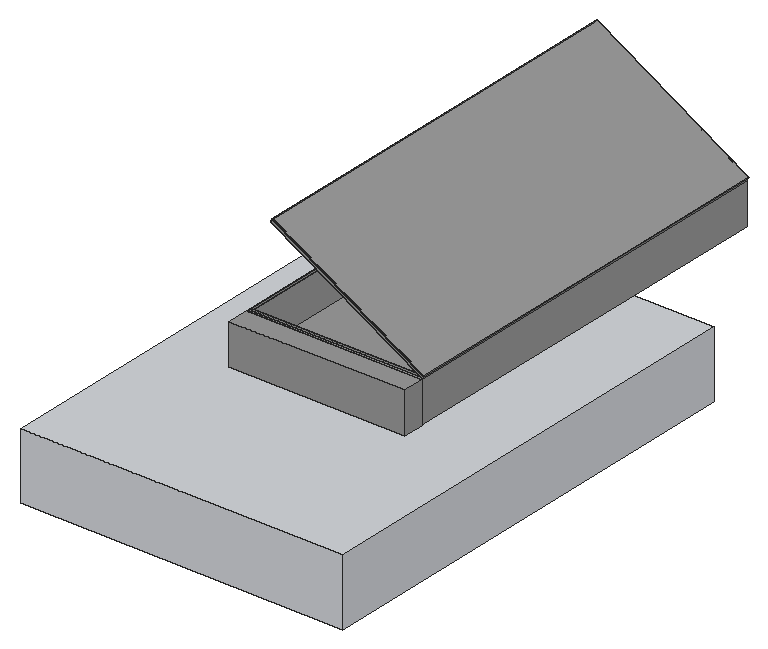
Revit family "Hager-Univers-IP44-D205-H1950-Cl.II-Encl-CH-en", category Equipement électrique, Revit 2020
Family settings
  Hôte = Face
  Configuration du panneau = Deux colonnes, circuits au sein
  Cote de connecteur circulaire = Utiliser le diamètre
  Type d'élément = Tableau de raccordement
  Couper avec des vides une fois chargée = Non
  Partagée = Non
  Point de calcul de pièce = Non
Parameters (values of type "Floor installation IP44 W800 H1950 D205  - FP23SN2")
  Width Control [instance] = if([EF000008 - Width] > Min Width, [EF000008 - Width], Min Width)  # 800 mm
  Commentaires du type = [HG000003 - Range]  # "Univers"
  Thickness Door [instance] = if([EF009171 - Material plate thickness door/cover] > 3 mm, 3 mm, [EF009171 - Material plate thickness door/cover])  # 1 mm
  Seal Frame Offset [instance] = 17 mm  # constant formula
  Plinth Visibility [instance] = [HG000027 - Plinth height] > 0 mm  # yes
  Model = ""
  Min Width [instance] = 100 mm  # constant formula
  Min Height [instance] = 100 mm  # constant formula
  Min Depth [instance] = (2 * [EF009170 - Material plate thickness cabinet]) + 1 mm  # 3 mm
  Internal Frame Depth [instance] = (Door System Depth * 0.5)  # 9 mm
  Height Control [instance] = if([EF000040 - Height] > Min Height, [EF000040 - Height], Min Height)  # 1950 mm
  HG000027 - Plinth height = 100 mm
  HG000026 - Floor standing = yes
  HG000024 - Bottom section height = 800 mm
  HG000023 - Double section enclosure = no
  HG000016 - Door 3d visibility [instance] = yes
  HG000015 - Clearance visibility [instance] = no
  HG000014 - Door on the right [instance] = yes
  HG000013 - Door on the left [instance] = not([HG000014 - Door on the right])  # no
  HG000012 - Door swing angle [instance] = 30.00°
  HG000010 - Asymmetric doors = no
  HG000009 - Double swing door = no
  HG000006 - Flush mounted = no
  HG000004 - Manufacturer reference = "FP23SN2"
  HG000003 - Range = "Univers"
  HG000002 - With door or cover = yes
  Frame Offset Bottom [instance] = 10 mm  # constant formula
  Frame Offset [instance] = 15 mm  # constant formula
  EF015940 - Cover with overpressure release = no
  EF011959 - Degree of protection (NEMA) = ""
  EF009554 - Number of openings for flange plates = 6
  EF009212 - Cover model = "EV000116 - Closed"
  EF009171 - Material plate thickness door/cover = 1 mm
  EF009170 - Material plate thickness cabinet = 1 mm
  Fabricant = "Hager"  # constant formula
  EF008873 - Nominal current (In) = 400 A
  EF007800 - Suitable for lightning protection = no
  EF006306 - With lock = no
  EF006244 - Transparent cover/door = no
  EF005474 - Degree of protection (IP) = "EV006418 - IP44"
  EF004464 - Type of door = "EV002646 - Single"
  EF004427 - Number of modules = 432
  EF004293 - Impact strength = "EV006815 - IK09"
  EF003532 - Suitable for outdoor use = no
  EF002950 - Width in number of modular spacings = 36
  EF001613 - Circuit integrity = "EV000494 - None"
  EF001596 - Material housing = "EV000179 - Steel"
  EF001131 - Internal depth = 143 mm
  EF001088 - Extension possible = yes
  EF000437 - Number of conduit inlets = 6
  EF000339 - Type of cover = "EV001012 - Cover"
  EF000266 - Number of rows = 12
  EF000218 - Built-in depth = 0 mm
  EF000118 - With mounting plate = no
  EF000116 - RAL-number = "9010"
  EF000049 - Depth = 205 mm
  EF000040 - Height = 1950 mm
  EF000008 - Width = 800 mm
  EF000007 - Colour = "EV000202 - White"
  EF000003 - Mounting method = "EV012274 - Floor installation"
  Door System Leaf Tolerance [instance] = 1.5 mm  # constant formula
  Door System Depth [instance] = 18 mm  # constant formula
  Door Height [instance] = Height Control - [HG000027 - Plinth height]  # 1850 mm
  Depth Control [instance] = if([EF000049 - Depth] > Min Depth, [EF000049 - Depth], Min Depth)  # 205 mm
  Default Elevation = 0 mm
  Connector Offset [instance] = Height Control / 2  # 975 mm
  Bottom Top Plate Trim [instance] = 1.5 mm  # constant formula
  Plinth height Ctrl [instance] = if([HG000027 - Plinth height] > 0 mm, [HG000027 - Plinth height], 12 mm)  # 100 mm
Types (5, lengths in mm): name | Width Control | HG000010 - Asymmetric doors | HG000009 - Double swing door | HG000004 - Manufacturer reference | EF009554 - Number of openings for flange plates | EF008873 - Nominal current (In) | EF004464 - Type of door | EF004427 - Number of modules | EF002950 - Width in number of modular spacings | EF000437 - Number of conduit inlets | EF000008 - Width
  Floor installation IP44 W1050 H1950 D205  - FP24SN2 | 1050 | no | yes | "FP24SN2" | 8 | 400 A | "EV003602 - Double" | 576 | 48 | 8 | 1050
  Floor installation IP44 W1300 H1950 D205  - FP25SN2 | 1300 | yes | yes | "FP25SN2" | 10 | 400 A | "EV003602 - Double" | 720 | 60 | 10 | 1300
  Floor installation IP44 W300 H1950 D205  - FP21SN2 | 300 | no | no | "FP21SN2" | 2 | 250 A | "EV002646 - Single" | 144 | 12 | 2 | 300
  Floor installation IP44 W550 H1950 D205  - FP22SN2 | 550 | no | no | "FP22SN2" | 4 | 400 A | "EV002646 - Single" | 288 | 24 | 4 | 550
  Floor installation IP44 W800 H1950 D205  - FP23SN2 | 800 | no | no | "FP23SN2" | 6 | 400 A | "EV002646 - Single" | 432 | 36 | 6 | 800
Reference planes
  plane 1 "Center (Front/Back)": y = 0
  plane 2: z = 0
  plane 3 "Center (Left/Right)": x = 0
  plane 4: z = 205
  plane 5: y = 101
  plane 6: y = 1025
  plane 7: y = 100
  plane 8: y = 1950
  plane 9: z = 0
  plane 10: x = -385
  plane 11: x = 385
  plane 12: x = 384
  plane 13: x = -384
  plane 14: y = 1949
  plane 15: x = -383
  plane 16: x = -400
  plane 17: x = 383
  plane 18: x = 400
  plane 19: x = 399
  plane 20: x = -399
  plane 21: y = 111
  plane 22: y = 1950
  plane 23: y = 1934
  plane 24: z = 187
  plane 25: z = 1
  plane 26: z = 186
  plane 27: z = 204
Forms (mm)
  Extrusion 1, solid
    sketch origin (0, 0, 0) x (1, 0, 0) y (0, 1, 0)
      loop
        line (-702.964, 1305) -> (-702.964, -811.445) -> (766.763, -811.445) -> (766.763, 1305) -> (-702.964, 1305)
    from 0 to -304.8
  Extrusion 2, solid, material "Hager_Steel_RAL7035_Light_Grey", visible <- "Plinth Visibility", detail levels medium+fine
    sketch origin (0, 0, 0) x (1, 0, 0) y (0, 1, 0)
      loop
        line (-400, 0) -> (400, 0) -> (400, 100) -> (-400, 100) -> (-400, 0)
    from 0 to 187
  Extrusion 3, solid, material "Hager_Steel_RAL7035_Light_Grey", detail levels medium+fine
    sketch origin (0, 0, 0) x (1, 0, 0) y (0, 1, 0)
      loop
        line (-400, 100) -> (400, 100) -> (400, 1950) -> (-400, 1950) -> (-400, 100)
    from 0 to 187
  Extrusion 4, void
    sketch origin (0, 0, 0) x (1, 0, 0) y (0, 1, 0)
      loop
        line (-399, 101) -> (399, 101) -> (399, 1949) -> (-399, 1949) -> (-399, 101)
    from 1 to 186
  Extrusion 5, void
    sketch origin (-381.607, -4572, 187) x (0, -1, 0) y (-1, 0, 0)
      loop
        line (-4683, 2.393) -> (-6506, 2.393) -> (-6506, -765.607) -> (-4683, -765.607) -> (-4683, 2.393)
    from 0 to 1 <- "EF009170 - Material plate thickness cabinet"
  Extrusion 6, solid, material "Hager_Steel_RAL7035_Light_Grey", detail levels fine
    sketch origin (0, 0, 187) x (1, 0, 0) y (0, 1, 0)
      loop
        line (-384, 1934) -> (-384, 111) -> (384, 111) -> (384, 1934) -> (-384, 1934)
      loop
        line (-385, 110) -> (385, 110) -> (385, 1935) -> (-385, 1935) -> (-385, 110)
    from 0 to 9 <- "Internal Frame Depth"
  Extrusion 7, solid, material "Hager_Steel_RAL7035_Light_Grey", detail levels coarse
    sketch origin (0, 0, 0) x (1, 0, 0) y (0, 1, 0)
      loop
        line (-400, 0) -> (400, 0) -> (400, 1950) -> (-400, 1950) -> (-400, 0)
    from 0 to 205
  Sweep 8, void
    path in 3D
      loop
        line (-400, 100, 0) -> (400, 100, 0) -> (400, 100, 187) -> (-400, 100, 187) -> (-400, 100, 0)
    profile origin (-400, 100, 93.5) x (-1, 0, 0) y (0, -1, 0)
      loop
        line (0, 0) -> (0, 1.5) -> (-1.5, 1.5)
        arc (-1.5, 1.5) -> (-1.061, 0.439) -> (0, 0) r 1.5
Cuts and joins
  Extrusion 4, Extrusion 5 cuts Extrusion 3
  Sweep 8 cuts Extrusion 2
Lines and regions (mm)
  Masking region 1
    outline origin (0, 0, 0) x (1, 0, 0) y (0, 0, 1)
      loop
        line (-400, 205) -> (-400, 0) -> (400, 0) -> (400, 205) -> (-400, 205)
  Masking region 2, detail levels medium+fine
    outline origin (0, 140, 0) x (0, 1, 0) y (0, 0, 1)
      loop
        line (-40, 0) -> (1810, 0) -> (1810, 187) -> (-40, 187) -> (-40, 0)
  Masking region 3, not visible, detail levels medium+fine
    outline origin (0, 297.922, 0) x (0, 1, 0) y (0, 0, 1)
      loop
        line (738.578, 0) -> (778.578, 0) -> (778.578, 194)
        arc (778.578, 194) -> (775.649, 201.071) -> (768.578, 204) r 10
        line (768.578, 204) -> (738.578, 204) -> (738.578, 0)
  Masking region 4, detail levels coarse
    outline origin (0, 0, 180) x (0, 1, 0) y (0, 0, 1)
      loop
        line (0, -180) -> (1950, -180) -> (1950, 25) -> (0, 25) -> (0, -180)
  Masking region 5, visible <- "Plinth Visibility", detail levels medium+fine
    outline origin (0, 52.24, 12.345) x (0, 0, -1) y (0, 1, 0)
      loop
        line (10.845, 47.76) -> (-173.155, 47.76)
        arc (-173.155, 47.76) -> (-173.594, 46.699) -> (-174.655, 46.26) r 1.5
        line (-174.655, 46.26) -> (-174.655, -52.24) -> (12.345, -52.24) -> (12.345, 46.26)
        arc (12.345, 46.26) -> (11.285, 46.699) -> (10.845, 47.76) r 1.5
  Masking region 6, detail levels medium+fine
    outline origin (-381.607, -4572, 187) x (-1, 0, 0) y (0, -1, 0)
      loop
        line (18.393, -6522) -> (18.393, -4672) -> (-781.607, -4672) -> (-781.607, -6522) -> (18.393, -6522)
  Masking region 7, visible <- "Plinth Visibility", detail levels medium+fine
    outline origin (-381.607, -4727, 187) x (-1, 0, 0) y (0, -1, 0)
      loop
        arc (16.893, -4827) -> (17.332, -4825.939) -> (18.393, -4825.5) r 1.5
        line (18.393, -4825.5) -> (18.393, -4727) -> (-781.607, -4727) -> (-781.607, -4825.5)
        arc (-781.607, -4825.5) -> (-780.546, -4825.939) -> (-780.107, -4827) r 1.5
        line (-780.107, -4827) -> (16.893, -4827)
  Masking region 8, detail levels coarse
    outline origin (-442.548, -4669.526, 187) x (-1, 0, 0) y (0, -1, 0)
      loop
        line (-42.548, -6619.526) -> (-42.548, -4669.526) -> (-842.548, -4669.526) -> (-842.548, -6619.526) -> (-42.548, -6619.526)
  sketch lines
    curve 1: line (-400, 100, 187) -> (-400, 100, 0)
    curve 2: line (400, 100, 187) -> (-400, 100, 187)
    curve 3: line (400, 100, 187) -> (400, 100, 0)
    curve 4: line (-400, 100, 0) -> (400, 100, 0)
Dimensions and locks
  "Depth Control": plane 4 to Extrusion 1
  "HG000027 - Plinth height": plane 1 "Center (Front/Back)" to plane 7
  "EF009170 - Material plate thickness cabinet": plane 5 to plane 7
  locked: connector elem to plane 3 "Center (Left/Right)"
  equal spacing: plane 8, plane 6, plane 7
  locked: connector elem to plane 6
  "EF009170 - Material plate thickness cabinet": plane 8 to plane 14
  "EF009170 - Material plate thickness cabinet": plane 10 to plane 13
  "EF009170 - Material plate thickness cabinet": plane 12 to plane 11
  "Frame Offset": plane 20 to plane 13
  "Frame Offset": plane 12 to plane 19
  "EF009170 - Material plate thickness cabinet": plane 16 to plane 20
  "EF009170 - Material plate thickness cabinet": plane 19 to plane 18
  "Seal Frame Offset": plane 16 to plane 15
  "Seal Frame Offset": plane 17 to plane 18
  "Frame Offset Bottom": plane 21 to plane 5
  "Frame Offset": plane 14 to plane 23
  equal spacing: plane 16, plane 3 "Center (Left/Right)", plane 18
  "Width Control": plane 16 to plane 18
  "EF009170 - Material plate thickness cabinet": plane 4 to plane 27
  "EF009170 - Material plate thickness cabinet": plane 24 to plane 26
  "EF009170 - Material plate thickness cabinet": plane 25 to level
  "Door System Depth": plane 4 to plane 24
  "Height Control": plane 1 "Center (Front/Back)" to Extrusion 7 sketch curve
  "Height Control": Masking region 4 sketch curve to plane 1 "Center (Front/Back)"
  "Height Control": plane 1 "Center (Front/Back)" to plane 22
  "Bottom Top Plate Trim": profile plane to Sweep 8 sketch curve
  "Bottom Top Plate Trim": Sweep 8 sketch curve to profile plane
  "Plinth height Ctrl": plane 1 "Center (Front/Back)" to Extrusion 2 sketch curve
  "Plinth height Ctrl": Masking region 5 sketch curve to plane 1 "Center (Front/Back)"
  "Plinth height Ctrl": plane 1 "Center (Front/Back)" to Masking region 7 sketch curve
  "Thickness Door": Extrusion 6 sketch curve to Extrusion 6 sketch curve  (x3)
  "Thickness Door": cut or joined group of Extrusion 3, Extrusion 4, Extrusion 5 to Extrusion 6 sketch curve
  radius of Masking region 3 sketch curve = 10 mm
  "Bottom Top Plate Trim": radius of Masking region 5 sketch curve  (x2)
  "Bottom Top Plate Trim": radius of Sweep 8 sketch curve
  "Bottom Top Plate Trim": radius of Masking region 7 sketch curve  (x2)
  aligned and locked: plane 2 to Extrusion 1
  aligned and locked: level to Extrusion 1
  aligned and locked: level to Masking region 1 sketch curve
  aligned and locked: Masking region 1 sketch curve to plane 18
  aligned and locked: Masking region 1 sketch curve to plane 16
  aligned and locked: plane 7 to Masking region 2 sketch curve
  aligned and locked: level to Masking region 3 sketch curve
  aligned and locked: Masking region 3 sketch curve to plane 27
  aligned and locked: level to Masking region 2 sketch curve
  aligned and locked: plane 1 "Center (Front/Back)" to Extrusion 2 sketch curve
  aligned and locked: Extrusion 3 sketch curve to plane 7
  aligned and locked: plane 16 to Extrusion 3 sketch curve
  aligned and locked: plane 18 to Extrusion 3 sketch curve
  aligned and locked: plane 20 to Extrusion 4 sketch curve
  aligned and locked: plane 19 to Extrusion 4 sketch curve
  aligned and locked: Extrusion 4 sketch curve to plane 5
  aligned and locked: Extrusion 4 to plane 25
  aligned and locked: plane 26 to Extrusion 4
  aligned and locked: plane 24 to Extrusion 3
  aligned and locked: Extrusion 5 sketch curve to plane 21
  aligned and locked: Extrusion 5 sketch curve to plane 13
  aligned and locked: Extrusion 5 sketch curve to plane 12
  aligned and locked: plane 18 to Extrusion 7 sketch curve
  aligned and locked: plane 1 "Center (Front/Back)" to Extrusion 7 sketch curve
  aligned and locked: plane 16 to Extrusion 7 sketch curve
  aligned and locked: plane 4 to Extrusion 7
  aligned and locked: Extrusion 7 to level
  aligned and locked: level to Masking region 4 sketch curve
  aligned and locked: Masking region 4 sketch curve to plane 1 "Center (Front/Back)"
  aligned and locked: Masking region 4 sketch curve to plane 4
  aligned and locked: nested 1 to level
  aligned and locked: nested 1 to plane 16
  aligned and locked: plane 8 to Extrusion 3 sketch curve
  aligned and locked: plane 23 to Extrusion 5 sketch curve
  aligned and locked: plane 14 to Extrusion 4 sketch curve
  aligned and locked: Masking region 2 sketch curve to plane 8
  aligned and locked: level to Masking region 5 sketch curve
  aligned and locked: plane 16 to Extrusion 2 sketch curve
  aligned and locked: plane 18 to Extrusion 2 sketch curve
  aligned and locked: Masking region 5 sketch curve to plane 24
  aligned and locked: Masking region 2 sketch curve to plane 24
  aligned and locked: plane 24 to Extrusion 2
  aligned and locked: profile plane to Sweep 8 sketch curve  (x2)
  aligned and locked: Masking region 6 sketch curve to plane 18
  aligned and locked: Masking region 6 sketch curve to plane 22
  aligned and locked: Masking region 6 sketch curve to plane 16
  aligned and locked: plane 8 to plane 22
  aligned and locked: Masking region 6 sketch curve to plane 7
  aligned and locked: Masking region 7 sketch curve to plane 16
  aligned and locked: Masking region 7 sketch curve to plane 1 "Center (Front/Back)"
  aligned and locked: Masking region 7 sketch curve to plane 18
  aligned and locked: Masking region 8 sketch curve to plane 1 "Center (Front/Back)"
  aligned and locked: Masking region 8 sketch curve to plane 18
  aligned and locked: Masking region 8 sketch curve to plane 22
  aligned and locked: Masking region 8 sketch curve to plane 16
  aligned and locked: nested 2 to plane 7
  aligned and locked: plane 3 "Center (Left/Right)" to nested 2
  aligned and locked: nested 2 to plane 24
  aligned and locked: Extrusion 6 sketch curve to cut or joined group of Extrusion 3, Extrusion 4, Extrusion 5  (x4)
Automatic sketch dimensions
  Extrusion 1 sketch curve to Extrusion 1 sketch curve = 1469.727 mm
  Extrusion 1 sketch curve to Extrusion 1 sketch curve = 2116.445 mm
  Masking region 1 sketch curve to plane 4 = 0 mm
  plane 6 to Masking region 3 sketch curve = 11.5 mm
  Masking region 3 sketch curve to Masking region 3 sketch curve = 30 mm
  Masking region 5 sketch curve to plane 1 "Center (Front/Back)" = 0 mm
Nested families
  nested 1: "Hager_Enclosure_Symbol" at (-400, 0, 0) x (1, 0, 0) z (0, -1, 0), Height <- "Depth Control", Width <- "Width Control", type "Hager_Enclosure_Symbol"
    with Width_Ctrl 800 mm, Width 800 mm, Height_Ctrl 205 mm, Height 205 mm, A_Width_Int 13.453 mm, A_Width 161.438 mm, A_Height_Ctrl 179.375 mm, A_Height 179.375 mm
  nested 2: "EC000058_Univers_Door" at (0, 100, 187) x (1, 0, 0) z (0, 1, 0), Leaf_Tolerance <- "Door System Leaf Tolerance", Angle <- "HG000012 - Door swing angle", Door_Depth <- "Door System Depth", Door_Left <- "HG000013 - Door on the left", Transparent <- "EF006244 - Transparent cover/door", Assymetrical <- "HG000010 - Asymmetric doors", Width <- "Width Control", Clearance <- "HG000015 - Clearance visibility", Double <- "HG000009 - Double swing door", 3d_Door <- "HG000016 - Door 3d visibility", Lock_Visibility <- "EF006306 - With lock", Width_Ctrl <- "Width Control", Door_Right <- "HG000014 - Door on the right", Door <- "HG000002 - With door or cover", Height <- "Door Height", Thickness <- "Thickness Door", type "EC000058_Univers_Door", detail levels medium+fine
    with min_wh 3 mm, Width_Ctrl 800 mm, Width 800 mm, Transparent no, Thickness 1 mm, Seal_Material Hager_Rubber, Lock_Visibility no, Lock_Material Hager_Plastic_RAL9005_Jet_Black, Leaf_Width 800 mm, Leaf_Tolerance_External_Sides 0 mm, Leaf_Tolerance 1.5 mm, Leaf_Offset 0 mm, Leaf_Height 1847 mm, Leaf_2_Width 800 mm, Leaf_2_Offset 400 mm, Leaf_1_Width 800 mm, Leaf_1_Offset 400 mm, Height_Ctrl 1850 mm, Height 1850 mm, Glass_Material Hager_Glass, Double_Clearance_Ctrl no, Double no, Door_Right_Ctrl yes, Door_Right yes, Door_Material Hager_Steel_RAL7035_Light_Grey, Door_Left_Ctrl no, Door_Left no, Door_Depth 18 mm, Door yes, Clearance_Material Hager_Clearance, Clearance_Depth 800 mm, Clearance_Ctrl no, Clearance no, Assymetrical no, Angle 30.00°, 3d_Door yes
Connectors
  electrical at (0, 1025, 0)
    settings: on plane 9, index 1, voltage 0 V, apparent load 0 VA, apparent load phase1 0 VA, apparent load phase2 0 VA, apparent load phase3 0 VA, power factor 1, load classification "Other", number of poles 1, system type 30, power factor state 1, is connector primary yes, connector utility no, sub classification motor no, connector description ""
Definition of nested family "EC000058_Univers_Door"
  Parameters (values of type "EC000058_Univers_Door")
    min_wh [instance] = (2 * Thickness) + 1 mm  # 11 mm
    Width_Ctrl [instance] = 400 mm
    Width [instance] = 500 mm
    Transparent [instance] = yes
    Thickness [instance] = 5 mm
    Seal_Material [instance] = none
    Lock_Visibility [instance] = yes
    Lock_Material [instance] = none
    Leaf_Width [instance] = if((Width_Ctrl - 2 * Leaf_Tolerance_External_Sides) > 0 mm, (Width_Ctrl - 2 * Leaf_Tolerance_External_Sides), min_wh)  # 400 mm
    Leaf_Tolerance_External_Sides [instance] = 0 mm  # constant formula
    Leaf_Tolerance [instance] = 1.5 mm
    Leaf_Offset [instance] = 0 mm  # constant formula
    Leaf_Height [instance] = if((Height_Ctrl - 2 * Leaf_Tolerance) > 0 mm, (Height_Ctrl - 2 * Leaf_Tolerance), min_wh)  # 497 mm
    Leaf_2_Width [instance] = if(and(and(Double, Assymetrical), Door_Left), (Leaf_Width / 3) - (Leaf_Tolerance / 2), if(and(and(Double, Assymetrical), Door_Right), (Leaf_Width / 3) * 2 - (Leaf_Tolerance / 2), if(and(Double, not(Assymetrical)), (Leaf_Width / 2) - Leaf_Tolerance, Leaf_Width)))  # 400 mm
    Leaf_2_Offset [instance] = if(and(Double, Assymetrical), Leaf_2_Width / 2, if(and(Double, not(Assymetrical)), Leaf_Width / 4, Leaf_Width / 2))  # 200 mm
    Leaf_1_Width [instance] = if(and(and(Double, Assymetrical), Door_Right), (Leaf_Width / 3) - (Leaf_Tolerance / 2), if(and(and(Double, Assymetrical), Door_Left), (Width / 3) * 2 - (Leaf_Tolerance / 2), if(and(Double, not(Assymetrical)), (Leaf_Width / 2) - Leaf_Tolerance, Leaf_Width)))  # 400 mm
    Leaf_1_Offset [instance] = if(and(Double, Assymetrical), Leaf_1_Width / 2, if(and(Double, not(Assymetrical)), Leaf_Width / 4, Leaf_Width / 2))  # 200 mm
    Height_Ctrl [instance] = if(Height > min_wh, Height, min_wh)  # 500 mm
    Height [instance] = 500 mm
    Glass_Material [instance] = none
    Double_Clearance_Ctrl [instance] = and(Double, Clearance)  # no
    Double [instance] = no
    Door_Right_Ctrl [instance] = and(or(Door_Right, Double), Door)  # yes
    Door_Right [instance] = yes
    Door_Material [instance] = none
    Door_Left_Ctrl [instance] = and(or(Door_Left, Double), Door)  # no
    Door_Left [instance] = no
    Door_Depth [instance] = 30 mm
    Door [instance] = yes
    Default Elevation = 1219.2 mm
    Clearance_Material [instance] = none
    Clearance_Depth [instance] = if(Leaf_1_Width > Leaf_2_Width, Leaf_1_Width, Leaf_2_Width)  # 400 mm
    Clearance_Ctrl [instance] = and(not(Double), Clearance)  # yes
    Clearance [instance] = yes
    Assymetrical [instance] = yes
    Angle [instance] = 30.00°
    3d_Door [instance] = yes
  Reference planes
    plane 1 "Center (Front/Back)": y = 0
    plane 2 "Bottom": z = 0
    plane 3 "Center (Left/Right)": x = 0
    plane 4: z = 500
    plane 5: x = -200
    plane 6: x = 200
    plane 7: z = 500
    plane 8: x = -200
    plane 9: z = 0
    plane 10: x = 200
    plane 11: y = 0
    plane 12: z = 1.5
    plane 13: x = -600
    plane 14: y = -400
    plane 15: x = 600
    plane 16: x = 0
    plane 17: x = 0
    plane 18: x = -200
    plane 19: x = 200
    plane 20: z = 498.5
  Forms (mm)
    Extrusion 1, solid, material <- "Clearance_Material", visible <- "Double_Clearance_Ctrl"
      sketch origin (1200, 0, 0) x (1, 0, 0) y (0, 0, -1)
        loop
          line (-1800, -498.5) -> (-600, -498.5) -> (-600, 0) -> (-1800, 0) -> (-1800, -498.5)
      from 0 to -400
  Dimensions and locks
    equal spacing: plane 5, plane 3 "Center (Left/Right)", plane 6
    "Width_Ctrl": plane 5 to plane 6
    "Leaf_Offset": plane 5 to plane 8
    "Leaf_Offset": plane 6 to plane 10
    "Leaf_Offset": plane 9 to level
    "Leaf_Offset": plane 4 to plane 7
    "Height_Ctrl": plane 4 to level
    "Leaf_Tolerance": plane 12 to plane 9
    locked: plane 11 to plane 1 "Center (Front/Back)"
    "Leaf_1_Offset": plane 18 to plane 16
    "Leaf_2_Offset": plane 17 to plane 19
    "Leaf_1_Width": plane 13 to plane 8
    "Leaf_2_Width": plane 10 to plane 15
    "Clearance_Depth": plane 14 to plane 1 "Center (Front/Back)"
    "Leaf_Tolerance_External_Sides": plane 8 to plane 18
    "Leaf_Tolerance_External_Sides": plane 19 to plane 10
    "Leaf_Tolerance": plane 7 to plane 20
    aligned and locked: level to plane 2 "Bottom"
    aligned and locked: nested 1 to plane 16
    aligned and locked: nested 2 to plane 17
    aligned and locked: Extrusion 1 to plane 13
    aligned and locked: plane 15 to Extrusion 1
    aligned and locked: Extrusion 1 to plane 14
    aligned and locked: plane 12 to nested 1
    aligned and locked: nested 2 to plane 12
    aligned and locked: Extrusion 1 to plane 11
    aligned and locked: plane 20 to Extrusion 1
    aligned and locked: nested 2 to plane 11
    aligned and locked: nested 1 to plane 11
  Automatic sketch dimensions
    Extrusion 1 sketch curve to level = 0 mm
    plane 5 to Extrusion 1 sketch curve = 400 mm
    plane 6 to Extrusion 1 sketch curve = 400 mm
    Extrusion 1 sketch curve to plane 4 = 1.5 mm
  Nested families
    nested 1: "EC000058_Univers_Door_Leaf" at (0, 0, 1.5), Width <- "Leaf_1_Width", visible <- "Door_Left_Ctrl", Leaf_Height <- "Leaf_Height", Angle <- "Angle", 3d_Door <- "3d_Door", Transparent <- "Transparent", Clearance Material <- "Clearance_Material", Clearance <- "Clearance_Ctrl", Door_Material <- "Door_Material", Glass_Material <- "Glass_Material", Door_Depth <- "Door_Depth", Lock_Material <- "Lock_Material", Seal_Material <- "Seal_Material", Lock_Visibility <- "Lock_Visibility", Thickness <- "Thickness", type "EC000058_Univers_Door_Leaf"
      with Width 400 mm, Transparent_Glass_Offset 30 mm, Transparent_Ctrl yes, Transparent yes, Thickness 5 mm, Standard no, Seal_Material none, Seal_D2 8 mm, Seal_D1 1 mm, Offset_Internal_Frame 10 mm, Lock_Width 20 mm, Lock_Visibility_3d yes, Lock_Visibility yes, Lock_Thickness_3 3 mm, Lock_Thickness_2 1 mm, Lock_Thickness_1 3 mm, Lock_Radius_Offset_2 16 mm, Lock_Radius_Offset_1 15 mm, Lock_Radius_2 5 mm, Lock_Radius 6 mm, Lock_Offset 5 mm, Lock_Material none, Lock_Height 80 mm, Lock_Cover_Top_Offset_2d 17 mm, Lock_Cover_Height -65 mm, Leaf_Height 497 mm, Internal_Seal_Thickness 8 mm, Internal_Seal_Depth_2 4.5 mm, Internal_Frame_Depth 25 mm, Glass_Thickness -1 mm, Glass_Offset -2 mm, Glass_Material none, Door_Material none, Door_Depth 30 mm, Clearance Material none, Clearance yes, Angle_Ctrl 30.00°, Angle 30.00°, 3d_Door yes
    nested 2: "EC000058_Univers_Door_Leaf" at (0, 0, 1.5) x (-1, 0, 0) z (0, 0, 1), Width <- "Leaf_2_Width", visible <- "Door_Right_Ctrl", Leaf_Height <- "Leaf_Height", Angle <- "Angle", 3d_Door <- "3d_Door", Transparent <- "Transparent", Clearance Material <- "Clearance_Material", Clearance <- "Clearance_Ctrl", Door_Material <- "Door_Material", Glass_Material <- "Glass_Material", Door_Depth <- "Door_Depth", Lock_Material <- "Lock_Material", Seal_Material <- "Seal_Material", Lock_Visibility <- "Lock_Visibility", Thickness <- "Thickness", type "EC000058_Univers_Door_Leaf"
      with Width 400 mm, Transparent_Glass_Offset 30 mm, Transparent_Ctrl yes, Transparent yes, Thickness 5 mm, Standard no, Seal_Material none, Seal_D2 8 mm, Seal_D1 1 mm, Offset_Internal_Frame 10 mm, Lock_Width 20 mm, Lock_Visibility_3d yes, Lock_Visibility yes, Lock_Thickness_3 3 mm, Lock_Thickness_2 1 mm, Lock_Thickness_1 3 mm, Lock_Radius_Offset_2 16 mm, Lock_Radius_Offset_1 15 mm, Lock_Radius_2 5 mm, Lock_Radius 6 mm, Lock_Offset 5 mm, Lock_Material none, Lock_Height 80 mm, Lock_Cover_Top_Offset_2d 17 mm, Lock_Cover_Height -65 mm, Leaf_Height 497 mm, Internal_Seal_Thickness 8 mm, Internal_Seal_Depth_2 4.5 mm, Internal_Frame_Depth 25 mm, Glass_Thickness -1 mm, Glass_Offset -2 mm, Glass_Material none, Door_Material none, Door_Depth 30 mm, Clearance Material none, Clearance yes, Angle_Ctrl 30.00°, Angle 30.00°, 3d_Door yes
  Definition of nested family "EC000058_Univers_Door_Leaf"
    Parameters (values of type "EC000058_Univers_Door_Leaf")
      Width [instance] = 2000 mm
      Transparent_Glass_Offset [instance] = 30 mm
      Transparent_Ctrl [instance] = and(Transparent, [3d_Door])  # yes
      Transparent [instance] = yes
      Thickness [instance] = 5 mm
      Standard [instance] = and(not(Transparent), [3d_Door])  # no
      Seal_Material [instance] = none
      Seal_D2 [instance] = 8 mm  # constant formula
      Seal_D1 [instance] = 1 mm  # constant formula
      Offset_Internal_Frame [instance] = 10 mm  # constant formula
      Lock_Width [instance] = 20 mm  # constant formula
      Lock_Visibility_3d [instance] = and(Lock_Visibility, [3d_Door])  # yes
      Lock_Visibility [instance] = yes
      Lock_Thickness_3 [instance] = 3 mm  # constant formula
      Lock_Thickness_2 [instance] = 1 mm  # constant formula
      Lock_Thickness_1 [instance] = 3 mm  # constant formula
      Lock_Radius_Offset_2 [instance] = Lock_Radius_Offset_1 + 1 mm  # 16 mm
      Lock_Radius_Offset_1 [instance] = 15 mm  # constant formula
      Lock_Radius_2 [instance] = Lock_Radius - 1 mm  # 5 mm
      Lock_Radius [instance] = 6 mm  # constant formula
      Lock_Offset [instance] = 5 mm  # constant formula
      Lock_Material [instance] = none
      Lock_Height [instance] = 80 mm  # constant formula
      Lock_Cover_Top_Offset_2d [instance] = Lock_Radius_Offset_2 + 1 mm  # 17 mm
      Lock_Cover_Height [instance] = -(Lock_Height - Lock_Radius_Offset_1)  # -65 mm
      Leaf_Height [instance] = 2720.336 mm
      Internal_Seal_Thickness [instance] = 8 mm  # constant formula
      Internal_Seal_Depth_2 [instance] = 4.5 mm  # constant formula
      Internal_Frame_Depth [instance] = if(Door_Depth - Thickness > 5 mm, Door_Depth - Thickness, 5 mm)  # 25 mm
      Glass_Thickness [instance] = if(Thickness > 15 mm, Glass_Offset + 10 mm, -1 mm)  # -1 mm
      Glass_Offset [instance] = if(Thickness > 15 mm, -(Thickness + 10 mm) / 2, -2 mm)  # -2 mm
      Glass_Material [instance] = none
      Door_Material [instance] = none
      Door_Depth [instance] = 30 mm
      Default Elevation = 0 mm
      Clearance Material [instance] = none
      Clearance [instance] = yes
      Angle_Ctrl [instance] = if(Angle > 180.00°, 180.00°, Angle)  # 90.00°
      Angle [instance] = 90.00°
      3d_Door [instance] = yes
    Reference planes
      plane 1 "Center (Front/Back)": y = 0
      plane 2: z = 0
      plane 3 "Center (Left/Right)": x = 0
      plane 4: y = 2000
      plane 5: x = -1000
      plane 6: x = 1000
      plane 7: x = -3000
      plane 8: z = 2720.336
      plane 9: z = 30
      plane 10: z = 2690.336
      plane 11: x = 970
      plane 12: x = -970
      plane 13: y = -3
      plane 14: z = 107.833
      plane 15: y = -5
      plane 16: y = -223.314
      plane 17: x = -1000
      plane 18: z = 1360.168
      plane 19: y = 30
    Forms (mm)
      Extrusion 1, solid, material <- "Clearance Material", visible <- "Clearance"
        sketch origin (0, 0, 0) x (1, 0, 0) y (0, 0, 1)
          loop
            line (-3000, 2720.336) -> (-3000, 0) -> (1000, 0) -> (1000, 2720.336) -> (-3000, 2720.336)
        from 0 to -2000
      Extrusion 2, solid, material <- "Door_Material", visible <- "Standard", detail levels medium+fine
        sketch origin (-1000, 0, 0) x (0, 1, 0) y (-1, 0, 0)
          loop
            line (0, 30) -> (0, 25) -> (2000, 25) -> (2000, 30) -> (0, 30)
        from 0 to 2720.336 <- "Leaf_Height"
      Extrusion 3, solid, material <- "Door_Material", visible <- "Transparent_Ctrl", detail levels medium+fine
        sketch origin (-1000, 0, 0) x (0, 1, 0) y (-1, 0, 0)
          loop
            line (0, 25) -> (2000, 25) -> (2000, 30) -> (0, 30) -> (0, 25)
        from 0 to 2720.336 <- "Leaf_Height"
      Extrusion 4, void
        sketch origin (-1025, 2000, 0) x (0, 1, 0) y (0, 0, -1)
          loop
            line (-30, -2690.336) -> (-30, -30) -> (-1970, -30) -> (-1970, -2690.336) -> (-30, -2690.336)
        from 0 to 5 <- "Thickness"
      Sweep 5, solid, material <- "Seal_Material", visible <- "Transparent_Ctrl", detail levels fine
        path in 3D
          loop
            line (-1025, 30, 30) -> (-1025, 30, 2690.336) -> (-1025, 1970, 2690.336) -> (-1025, 1970, 30) -> (-1025, 30, 30)
        profile origin (-1025, 1000, 30) x (1, 0, 0) y (0, 0, 1)
          loop
            line (0, 0) -> (0, -8) -> (1, -8) -> (1, 0) -> (0, 0)
      Extrusion 6, solid, material <- "Glass_Material", visible <- "Transparent_Ctrl", detail levels medium+fine
        sketch origin (-1030, 0, 0) x (0, 1, 0) y (0, 0, -1)
          loop
            line (1970, -2690.336) -> (1970, -30) -> (30, -30) -> (30, -2690.336) -> (1970, -2690.336)
        from -2 <- "Glass_Offset" to -1 <- "Glass_Thickness"
      Extrusion 7, solid, material <- "Door_Material", visible <- "3d_Door", detail levels medium+fine
        sketch origin (-1025, 2000, 0) x (0, -1, 0) y (0, 0, -1)
          loop
            line (0, -2720.336) -> (2000, -2720.336) -> (2000, 0) -> (0, 0) -> (0, -2720.336)
          loop
            line (1995, -5) -> (5, -5) -> (5, -2715.336) -> (1995, -2715.336) -> (1995, -5)
        from 0 to 25 <- "Internal_Frame_Depth"
      Sweep 8, solid, material <- "Seal_Material", visible <- "Transparent_Ctrl", detail levels fine
        path in 3D
          loop
            line (-1025, 0, 0) -> (-1025, 2000, 0) -> (-1025, 2000, 2720.336) -> (-1025, 0, 2720.336) -> (-1025, 0, 0)
        profile origin (-1025, 0, 1360.168) x (1, 0, 0) y (0, 1, 0)
          loop
            line (0, 10) -> (2.975, 10)
            arc (2.975, 10) -> (4.053, 10.447) -> (4.5, 11.525) r 1.525
            line (4.5, 11.525) -> (4.5, 16.527)
            arc (4.5, 16.527) -> (4.069, 17.569) -> (3.027, 18) r 1.473
            line (3.027, 18) -> (0, 18) -> (0, 10)
      Extrusion 9, solid, material <- "Lock_Material", visible <- "Lock_Visibility_3d", detail levels fine
        sketch origin (-1030, 0, 0) x (0, 1, 0) y (0, 0, -1)
          loop
            arc (1993.5, -1400.168) -> (1994.561, -1399.729) -> (1995, -1398.668) r 1.5
            line (1995, -1398.668) -> (1995, -1320.168) -> (1975, -1320.168) -> (1975, -1398.668)
            arc (1975, -1398.668) -> (1975.439, -1399.729) -> (1976.5, -1400.168) r 1.5
            line (1976.5, -1400.168) -> (1993.5, -1400.168)
        from 3 <- "Lock_Thickness_1" to 0
      Blend 10, solid, material <- "Lock_Material", visible <- "Lock_Visibility_3d", detail levels fine
        base sketch origin (-1033, 0, 0) x (0, 1, 0) y (0, 0, -1)
          loop
            line (1975, -1320.168) -> (1975, -1398.668)
            arc (1975, -1398.668) -> (1975.439, -1399.729) -> (1976.5, -1400.168) r 1.5
            line (1976.5, -1400.168) -> (1993.5, -1400.168)
            arc (1993.5, -1400.168) -> (1994.561, -1399.729) -> (1995, -1398.668) r 1.5
            line (1995, -1398.668) -> (1995, -1320.168) -> (1975, -1320.168)
        top sketch origin (-1033, 0, 0) x (0, 1, 0) y (0, 0, -1)
          loop
            line (1976, -1320.168) -> (1976, -1398.668)
            arc (1976, -1398.668) -> (1976.146, -1399.022) -> (1976.5, -1399.168) r 0.5
            line (1976.5, -1399.168) -> (1993.5, -1399.168)
            arc (1993.5, -1399.168) -> (1993.854, -1399.022) -> (1994, -1398.668) r 0.5
            line (1994, -1398.668) -> (1994, -1320.168) -> (1976, -1320.168)
        from 0 to 1 <- "Lock_Thickness_2"
      Blend 11, solid, material <- "Lock_Material", visible <- "Lock_Visibility_3d", detail levels fine
        base sketch origin (-1034, 0, 0) x (0, 1, 0) y (0, 0, -1)
          loop
            line (1978, -1320.168) -> (1978, -1384.168)
            arc (1978, -1384.168) -> (1985, -1391.168) -> (1992, -1384.168) r 7
            line (1992, -1384.168) -> (1992, -1320.168) -> (1978, -1320.168)
        top sketch origin (-1034, 0, 0) x (0, 1, 0) y (0, 0, -1)
          loop
            line (1991, -1320.168) -> (1979, -1320.168) -> (1979, -1383.168)
            arc (1979, -1383.168) -> (1985, -1389.168) -> (1991, -1383.168) r 6
            line (1991, -1383.168) -> (1991, -1320.168)
        from 0 to 3 <- "Lock_Thickness_3"
      Extrusion 12, solid, material <- "Lock_Material", visible <- "Lock_Visibility_3d", detail levels fine
        sketch origin (-1030, 1975, 1320.168) x (1, 0, 0) y (0, -1, 0)
          loop
            line (-7, -19) -> (-7, -1) -> (0, -1) -> (0, 0) -> (-8, 0) -> (-8, -20) -> (0, -20) -> (0, -19) -> (-7, -19)
        from 0 to -65 <- "Lock_Cover_Height"
      Extrusion 13, void
        sketch origin (-1038, 1995, 1320.168) x (-1, 0, 0) y (0, 0, -1)
          loop
            line (-5, -65) -> (0, -65) -> (-5, -60) -> (-5, -65)
        from 0 to 20 <- "Lock_Width"
      Extrusion 14, void
        sketch origin (-1038, 1975, 1320.168) x (0, -1, 0) y (0, 0, -1)
          loop
            circle (-10, -15.995) r 6
          loop
            circle (-10, -15.995) r 5
        from 0 to 2
      Extrusion 15, solid, material <- "Lock_Material", visible <- "Lock_Visibility_3d", detail levels medium
        sketch origin (-1030, 0, 0) x (0, 1, 0) y (0, 0, -1)
          loop
            arc (1993.5, -1400.168) -> (1994.561, -1399.729) -> (1995, -1398.668) r 1.5
            line (1995, -1398.668) -> (1995, -1320.168) -> (1975, -1320.168) -> (1975, -1398.668)
            arc (1975, -1398.668) -> (1975.439, -1399.729) -> (1976.5, -1400.168) r 1.5
            line (1976.5, -1400.168) -> (1993.5, -1400.168)
        from 8 to 0
    Cuts and joins
      Extrusion 4 cuts Extrusion 3
      Extrusion 13, Extrusion 14 cuts Extrusion 9
      Extrusion 14 cuts Blend 11
      Extrusion 13, Extrusion 14 cuts Extrusion 12
      joined: Extrusion 9, Blend 10, Blend 11, Extrusion 12
      Extrusion 14 cuts Extrusion 15
    Lines and regions (mm)
      Masking region 1, visible <- "Lock_Visibility", detail levels fine
        outline origin (0, 0, 0) x (0, 1, 0) y (0, 0, 1)
          loop
            line (30, 1320.168) -> (33, 1320.168) -> (33, 1400.168) -> (30, 1400.168) -> (30, 1320.168)
      Masking region 2, visible <- "Lock_Visibility", detail levels fine
        outline origin (0, 3.143, 0) x (0, 1, 0) y (0, 0, 1)
          loop
            line (29.857, 1354.168) -> (30.857, 1354.168) -> (30.857, 1366.168) -> (29.857, 1366.168) -> (29.857, 1354.168)
      Masking region 3, detail levels medium+fine
        outline origin (0, 0, 0) x (0, 1, 0) y (0, 0, 1)
          loop
            line (0, 0) -> (30, 0) -> (30, 2720.336) -> (0, 2720.336) -> (0, 0)
      Masking region 4, detail levels medium+fine
        outline origin (0, 0, 0) x (1, 0, 0) y (0, 0, 1)
          loop
            line (-1000, 2720.336) -> (-1000, 0) -> (1000, 0) -> (1000, 2720.336) -> (-1000, 2720.336)
      Masking region 5, visible <- "Lock_Visibility", detail levels fine
        outline origin (-47.116, 0, 0) x (1, 0, 0) y (0, 0, 1)
          loop
            arc (1024.616, 1399.168) -> (1023.556, 1398.729) -> (1023.116, 1397.668) r 1.5
            line (1023.116, 1397.668) -> (1023.116, 1320.168) -> (1041.116, 1320.168) -> (1041.116, 1397.668)
            arc (1041.116, 1397.668) -> (1040.677, 1398.729) -> (1039.616, 1399.168) r 1.5
            line (1039.616, 1399.168) -> (1024.616, 1399.168)
      Masking region 6, visible <- "Lock_Visibility", detail levels medium+fine
        outline origin (-25, 0, 0) x (1, 0, 0) y (0, 0, 1)
          loop
            arc (1001.5, 1400.168) -> (1000.439, 1399.729) -> (1000, 1398.668) r 1.5
            line (1000, 1398.668) -> (1000, 1320.168) -> (1020, 1320.168) -> (1020, 1398.668)
            arc (1020, 1398.668) -> (1019.561, 1399.729) -> (1018.5, 1400.168) r 1.5
            line (1018.5, 1400.168) -> (1001.5, 1400.168)
      Masking region 7, visible <- "Lock_Visibility", detail levels fine
        outline origin (-73.735, 0, 0) x (1, 0, 0) y (0, 0, 1)
          loop
            line (1051.735, 1382.168) -> (1065.735, 1382.168) -> (1065.735, 1384.168)
            arc (1065.735, 1384.168) -> (1058.735, 1391.168) -> (1051.735, 1384.168) r 7
            line (1051.735, 1384.168) -> (1051.735, 1382.168)
      Masking region 8, visible <- "Lock_Visibility", detail levels fine
        outline origin (-73.735, 0, 0) x (1, 0, 0) y (0, 0, 1)
          loop
            line (1052.735, 1382.168) -> (1064.735, 1382.168) -> (1064.735, 1383.168)
            arc (1064.735, 1383.168) -> (1058.735, 1389.168) -> (1052.735, 1383.168) r 6
            line (1052.735, 1383.168) -> (1052.735, 1382.168)
      Masking region 9, visible <- "Lock_Visibility", detail levels fine
        outline origin (-25, 0, 0) x (1, 0, 0) y (0, 0, 1)
          loop
            line (1020, 1320.168) -> (1020, 1382.168) -> (1000, 1382.168) -> (1000, 1320.168) -> (1020, 1320.168)
      Masking region 10, detail levels medium+fine
        outline origin (0, 0, 0) x (1, 0, 0) y (0, 0, 1)
          loop
            circle (985, 1335.144) r 6
      Masking region 11, detail levels fine
        outline origin (0, 0, 0) x (1, 0, 0) y (0, 0, 1)
          loop
            circle (985, 1335.144) r 5
      Masking region 12, visible <- "Lock_Visibility", detail levels fine
        outline origin (0, 12.767, 0) x (0, 1, 0) y (0, 0, 1)
          loop
            line (20.233, 1320.168) -> (21.233, 1320.168) -> (21.233, 1399.168) -> (20.233, 1400.168) -> (20.233, 1320.168)
      Masking region 13, visible <- "Lock_Visibility", detail levels fine
        outline origin (0, 13.767, -10) x (0, 1, 0) y (0, 0, 1)
          loop
            line (20.233, 1330.168) -> (23.233, 1330.168) -> (23.233, 1399.168) -> (20.233, 1402.168) -> (20.233, 1330.168)
      Masking region 14, visible <- "Lock_Visibility", detail levels fine
        outline origin (0, 12.767, -10) x (0, 1, 0) y (0, 0, 1)
          loop
            line (20.233, 1330.168) -> (25.233, 1330.168) -> (25.233, 1399.305) -> (20.233, 1394.305) -> (20.233, 1330.168)
      Masking region 15, visible <- "Lock_Visibility", detail levels medium
        outline origin (0, 0, 0) x (0, 1, 0) y (0, 0, 1)
          loop
            line (30, 1320.168) -> (38, 1320.168) -> (38, 1400.168) -> (30, 1400.168) -> (30, 1320.168)
      Masking region 16, visible <- "Lock_Visibility", detail levels fine
        outline origin (-1000, 0, 0) x (0, 1, 0) y (-1, 0, 0)
          loop
            line (1975, 30) -> (1995, 30) -> (1995, 38) -> (1975, 38) -> (1975, 30)
          loop
            line (1979, 37) -> (1976, 37) -> (1976, 34) -> (1978, 34) -> (1979, 37)
          loop
            line (1994, 37) -> (1991, 37) -> (1992, 34) -> (1994, 34) -> (1994, 37)
      Masking region 17, visible <- "Lock_Visibility", detail levels medium
        outline origin (-1000, 0, 0) x (0, 1, 0) y (-1, 0, 0)
          loop
            line (1975, 30) -> (1995, 30) -> (1995, 38) -> (1975, 38) -> (1975, 30)
      symbolic lines
        curve 1: line (1000, 0, 0) -> (-3000, 0, 0)
        curve 2: arc (1000, 0, 0) -> (-1000, 2000, 0) -> (-3000, 0, 0) r 2000
        curve 4: line (-1030, 0, 0) -> (-1030, 2000, 0)
      reference lines
        curve 3: line (-1000, 0, 0) -> (-1000, 2000, 0)
      symbolic lines, detail levels medium+fine
        curve 5: line (-1030, 2000, 0) -> (-1025, 2000, 0)
        curve 7: line (-1025, 0, 0) -> (-1030, 0, 0)
        curve 8: line (-1025, 0, 0) -> (-1000, 0, 0)
        curve 9: line (-1000, 0, 0) -> (-1000, 2000, 0)
        curve 10: line (-1000, 2000, 0) -> (-1025, 2000, 0)
      symbolic lines, detail levels fine
        curve 6: line (-1025, 2000, 0) -> (-1025, 0, 0)
      sketch lines
        curve 11: line (-1025, 0, 2720.336) -> (-1025, 0, 0)
        curve 12: line (-1025, 2000, 0) -> (-1025, 0, 0)
        curve 13: line (-1025, 2000, 2720.336) -> (-1025, 2000, 0)
        curve 14: line (-1025, 0, 2720.336) -> (-1025, 2000, 2720.336)
        curve 15: line (-1025, 1970, 30) -> (-1025, 30, 30)
        curve 16: line (-1025, 30, 30) -> (-1025, 30, 2690.336)
        curve 17: line (-1025, 1970, 2690.336) -> (-1025, 1970, 30)
        curve 18: line (-1025, 30, 2690.336) -> (-1025, 1970, 2690.336)
      symbolic lines, visible <- "Transparent", detail levels medium+fine
        curve 19: line (-970, 0, 2690.336) -> (970, 0, 2690.336)
        curve 20: line (-970, 0, 30) -> (-970, 0, 2690.336)
        curve 21: line (970, 0, 30) -> (-970, 0, 30)
        curve 22: line (970, 0, 2690.336) -> (970, 0, 30)
    Dimensions and locks
      "Width": plane 1 "Center (Front/Back)" to plane 4
      equal spacing: plane 5, plane 3 "Center (Left/Right)", plane 6
      "Width": plane 5 to plane 6
      "Width": plane 7 to plane 5
      "Leaf_Height": plane 8 to level
      "Width": curve 5 to curve 3
      "Width": curve 3 to curve 3
      plane 8 to plane 10 = 30 mm
      plane 9 to level = 30 mm
      plane 12 to plane 5 = 30 mm
      plane 6 to plane 11 = 30 mm
      Extrusion 1 to Extrusion 4 sketch curve = 30 mm
      "Transparent_Glass_Offset": curve 3 to Extrusion 4 sketch curve
      "Transparent_Glass_Offset": Extrusion 4 sketch curve to cut or joined group of Extrusion 3, Extrusion 4  (x2)
      cut or joined group of Extrusion 3, Extrusion 4 to Extrusion 6 sketch curve = 30 mm
      "Transparent_Glass_Offset": cut or joined group of Extrusion 3, Extrusion 4 to Extrusion 4 sketch curve
      "Thickness": curve 6 to curve 4
      "Thickness": Extrusion 7 sketch curve to Extrusion 7 sketch curve  (x4)
      "Door_Depth": curve 4 to curve 3
      "Offset_Internal_Frame": profile plane to Sweep 8 sketch curve
      "Internal_Seal_Thickness": Sweep 8 sketch curve to Sweep 8 sketch curve
      "Internal_Seal_Depth_2": profile plane to Sweep 8 sketch curve
      "Seal_D1": profile plane to Sweep 5 sketch curve
      "Seal_D2": profile plane to Sweep 5 sketch curve
      "Thickness": Extrusion 2 sketch curve to Extrusion 2 sketch curve
      equal spacing: Extrusion 9 sketch curve, plane 18, Extrusion 9 sketch curve  (x2)
      equal spacing: Masking region 1 sketch curve, plane 18, Masking region 1 sketch curve
      "Lock_Height": Masking region 1 sketch curve to Masking region 1 sketch curve
      "Lock_Radius": Masking region 2 sketch curve to plane 18 to Masking region 2 sketch curve
      Masking region 2 sketch curve to Masking region 1 = 1 mm
      "Door_Depth": plane 19 to plane 1 "Center (Front/Back)"
      "Lock_Thickness_1": Masking region 1 sketch curve to plane 19
      "Lock_Width": Extrusion 9 sketch curve to Extrusion 9 sketch curve
      "Lock_Height": Extrusion 9 sketch curve to Extrusion 9 sketch curve
      "Lock_Offset": cut or joined group of Extrusion 3, Extrusion 4 to Extrusion 9 sketch curve
      equal spacing: plane 8, plane 18, level
      "Lock_Radius_Offset_1": Blend 11 sketch curve to Blend 10
      locked: Blend 10 to Blend 11 sketch curve at 2  (x2)
      locked: var sketch to Blend 11 sketch curve at 1  (x2)
      "Lock_Radius_Offset_2": Blend 11 sketch curve to Blend 10
      locked: Extrusion 12 sketch curve to Extrusion 12 sketch curve at 1  (x3)
      Masking region 6 sketch curve to Masking region 6 sketch curve = 80 mm
      "Lock_Height": Masking region 6 sketch curve to Masking region 6 sketch curve
      "Lock_Width": Masking region 6 sketch curve to Masking region 6 sketch curve
      locked: Masking region 6 to Masking region 5 sketch curve at 1  (x3)
      locked: Masking region 5 to Masking region 7 sketch curve at 2  (x2)
      "Lock_Radius_Offset_1": Masking region 5 to Masking region 7 sketch curve
      "Lock_Radius_Offset_2": Masking region 5 to Masking region 8 sketch curve
      locked: Masking region 7 to Masking region 8 sketch curve at 1  (x2)
      "Lock_Cover_Top_Offset_2d": Masking region 5 to Masking region 9 sketch curve
      equal spacing: Masking region 9, Masking region 10 sketch curve, Masking region 9
      equal spacing: Masking region 9, Masking region 11 sketch curve, Masking region 9
      Extrusion 15 sketch curve to Extrusion 15 sketch curve = 80 mm
      "Lock_Width": Extrusion 15 sketch curve to Extrusion 15 sketch curve
      "Lock_Height": Extrusion 15 sketch curve to Extrusion 15 sketch curve
      equal spacing: Extrusion 15 sketch curve, plane 18, Extrusion 15 sketch curve
      "Lock_Thickness_3": Masking region 13 sketch curve to Masking region 13 sketch curve
      "Lock_Height": Masking region 12 sketch curve to Masking region 12 sketch curve
      locked: Masking region 13 sketch curve to Masking region 1 at 8
      locked: Masking region 14 sketch curve to Masking region 13 at 1
      locked: Masking region 14 sketch curve to Masking region 1 at 10.863
      "Lock_Height": Masking region 15 sketch curve to Masking region 15 sketch curve
      "Lock_Offset": Extrusion 15 sketch curve to cut or joined group of Extrusion 3, Extrusion 4
      "Lock_Offset": plane 6 to Masking region 6 sketch curve
      radius of Sweep 8 sketch curve = 1.525 mm
      radius of Sweep 8 sketch curve = 1.473 mm
      radius of Extrusion 9 sketch curve = 1.5 mm  (x2)
      "Lock_Radius": radius of Extrusion 14 sketch curve
      "Lock_Radius_2": radius of Extrusion 14 sketch curve
      "Lock_Radius": radius of Masking region 10 sketch curve
      "Lock_Radius_2": radius of Masking region 11 sketch curve
      radius of Extrusion 15 sketch curve = 1.5 mm  (x2)
      "Angle_Ctrl": angle plane 1 "Center (Front/Back)" to curve 3
      locked: Masking region 12 sketch curve to Masking region 12 sketch curve (angle 45.00°)
      locked: Masking region 13 sketch curve to Masking region 13 sketch curve (angle 45.00°)
      locked: Masking region 14 sketch curve to Masking region 14 sketch curve (angle 45.00°)
      aligned and locked: level to plane 2
      aligned and locked: Extrusion 1 to curve 1
      aligned and locked: plane 6 to Extrusion 1
      aligned and locked: Extrusion 1 to plane 1 "Center (Front/Back)"
      aligned and locked: plane 4 to Extrusion 1
      aligned and locked: plane 8 to Extrusion 1
      aligned and locked: curve 7 to Extrusion 2 sketch curve
      aligned and locked: curve 5 to Extrusion 2 sketch curve
      aligned and locked: curve 7 to Extrusion 3 sketch curve
      aligned and locked: Extrusion 3 sketch curve to curve 4
      aligned and locked: Extrusion 3 sketch curve to curve 6
      aligned and locked: Extrusion 3 sketch curve to curve 5
      aligned and locked: curve 9 to curve 3
      aligned and locked: Extrusion 7 sketch curve to cut or joined group of Extrusion 3, Extrusion 4  (x4)
      aligned and locked: plane 17 to curve 3
      aligned and locked: plane 1 "Center (Front/Back)" to curve 3
      aligned and locked: plane 17 to plane 5
      aligned and locked: Sweep 8 sketch curve to profile plane
      aligned and locked: Sweep 5 sketch curve to profile plane  (x2)
      aligned and locked: Masking region 1 to Masking region 2 sketch curve
      aligned and locked: plane 19 to Masking region 1 sketch curve
      aligned and locked: plane 1 "Center (Front/Back)" to Masking region 3 sketch curve
      aligned and locked: plane 19 to Masking region 3 sketch curve
      aligned and locked: level to Masking region 3 sketch curve
      aligned and locked: Masking region 3 sketch curve to plane 8
      aligned and locked: plane 17 to Masking region 4 sketch curve
      aligned and locked: level to Masking region 4 sketch curve
      aligned and locked: Masking region 4 sketch curve to plane 8
      aligned and locked: plane 12 to curve 20
      aligned and locked: plane 10 to curve 19
      aligned and locked: plane 11 to curve 22
      aligned and locked: curve 21 to plane 9
      aligned and locked: Extrusion 2 sketch curve to cut or joined group of Extrusion 3, Extrusion 4
      aligned and locked: Blend 10 sketch curve to Extrusion 9  (x4)
      aligned and locked: Extrusion 9 to Blend 10 sketch curve
      aligned and locked: Blend 10 to Blend 11 sketch curve
      aligned and locked: Extrusion 12 sketch curve to Blend 11
      aligned and locked: Extrusion 12 sketch curve to Extrusion 9  (x4)
      aligned and locked: Masking region 5 sketch curve to Masking region 6
      aligned and locked: Masking region 9 sketch curve to Masking region 6  (x3)
      aligned and locked: Masking region 12 sketch curve to Masking region 1
      aligned and locked: Masking region 13 sketch curve to Masking region 1
      aligned and locked: Masking region 12 to Masking region 14
      aligned and locked: Masking region 14 sketch curve to Masking region 1
      aligned and locked: Masking region 15 sketch curve to Masking region 14
      aligned and locked: Masking region 13 sketch curve to Masking region 12
      aligned and locked: Masking region 16 sketch curve to cut or joined group of Extrusion 14, Extrusion 15  (x4)
      aligned and locked: Masking region 16 sketch curve to cut or joined group of Extrusion 9, Blend 10, Blend 11, Extrusion 12, Extrusion 13, Extrusion 14  (x6)
      aligned and locked: cut or joined group of Extrusion 9, Blend 10, Blend 11, Extrusion 12, Extrusion 13, Extrusion 14 to Masking region 16 sketch curve
      aligned and locked: Masking region 17 sketch curve to cut or joined group of Extrusion 14, Extrusion 15  (x3)
      aligned and locked: Masking region 17 sketch curve to cut or joined group of Extrusion 9, Blend 10, Blend 11, Extrusion 12, Extrusion 13, Extrusion 14
      aligned and locked: Masking region 9 to Masking region 8 sketch curve
      aligned and locked: Masking region 9 to Masking region 7 sketch curve
    Automatic sketch dimensions
      plane 1 "Center (Front/Back)" to curve 2 = 0 mm
      curve 2 to plane 5 = 0 mm
      Extrusion 1 sketch curve to level = 0 mm
      Extrusion 1 sketch curve to plane 7 = 0 mm
      Extrusion 1 sketch curve to plane 6 = 0 mm
      Extrusion 1 sketch curve to plane 8 = 0 mm
      Extrusion 3 to Extrusion 6 sketch curve = 30 mm  (x4)
      Masking region 4 sketch curve to plane 6 = 0 mm
      Blend 10 sketch curve to Extrusion 9 = 1.5 mm
      Blend 10 sketch curve to Extrusion 9 = 1 mm
      Extrusion 13 sketch curve to Extrusion 12 = 0 mm  (x2)
      Extrusion 12 to Extrusion 13 sketch curve = 3 mm
      Extrusion 13 sketch curve to Extrusion 12 = 5 mm
      Extrusion 14 sketch curve to Extrusion 14 sketch curve = 0 mm  (x2)
      Extrusion 14 sketch curve to Extrusion 12 = 10 mm
      Extrusion 14 sketch curve to Extrusion 12 = 15.995 mm
      Masking region 5 sketch curve to Masking region 5 sketch curve = 1.5 mm  (x2)
      Masking region 10 sketch curve to plane 18 = 25.024 mm
      Masking region 11 sketch curve to plane 18 = 25.024 mm
      plane 19 to Masking region 14 sketch curve = 3 mm
      Masking region 16 sketch curve to Masking region 16 sketch curve = 3 mm
      curve 4 to curve 3 = 0 mm
      Blend 10 to Blend 11 sketch curve = 0 mm
      Masking region 6 sketch curve to Masking region 6 sketch curve = 1.5 mm  (x2)
      Masking region 6 sketch curve to plane 18 = 40 mm
      plane 19 to Masking region 12 sketch curve = 3 mm
      Masking region 12 sketch curve to Masking region 12 sketch curve = 1 mm
      Masking region 15 sketch curve to plane 19 = 0 mm
      Masking region 15 sketch curve to plane 18 = 40 mm
      radius of Blend 10 sketch curve to Extrusion 9 = 1 mm
Definition of nested family "Hager_Enclosure_Symbol"
  Parameters (values of type "Hager_Enclosure_Symbol")
    Width_Ctrl [instance] = if(Width > 1 mm, Width, 1 mm)  # 102.27 mm
    Width [instance] = 102.27 mm
    Height_Ctrl [instance] = if(Height > 1 mm, Height, 1 mm)  # 66.5 mm
    A_Width_Int [instance] = if(A_Width / 12 > 2 mm, A_Width / 12, 2 mm)  # 4.364 mm
    A_Width [instance] = if(A_Height_Ctrl * 0.9 > 2 mm, A_Height_Ctrl * 0.9, 2 mm)  # 52.369 mm
    A_Height_Ctrl [instance] = if(A_Height > 2 mm, A_Height, 2 mm)  # 58.188 mm
    Height [instance] = 66.5 mm
    A_Height [instance] = Height - (Height / 8)  # 58.188 mm
  Reference planes
    plane 1 "Centre (avant/arrière)": y = 0
    plane 2: z = 0
    plane 3 "Centre (gauche/droite)": x = 0
    plane 4: x = 52.369
    plane 5: y = 33.042
    plane 6: y = 41.77
    plane 7: y = 66.5
    plane 8: x = 26.184
    plane 9: y = 37.406
    plane 10: x = 102.27
    plane 11: y = 66.5
    plane 12: y = 8.313
  Lines and regions (mm)
    Filled region 1, type "Solid_Black", in view "Niveau de réf."
      outline origin (0, 0, 0) x (1, 0, 0) y (0, 1, 0)
        loop
          line (52.369, 66.5) -> (33.188, 54.536) -> (45.365, 45.006) -> (52.369, 66.5)
    Filled region 2, type "Solid_Black", in view "Niveau de réf."
      outline origin (0, 0, 0) x (1, 0, 0) y (0, 1, 0)
        loop
          line (0, 0) -> (102.27, 0) -> (102.27, 66.5) -> (0, 0)
    detail lines, in view "Niveau de réf."
      curve 1: line (0, 8.313, 0) -> (26.184, 41.77, 0)
      curve 2: line (26.184, 41.77, 0) -> (26.184, 33.042, 0)
      curve 3: line (26.184, 33.042, 0) -> (52.369, 66.5, 0)
  Dimensions and locks
    "A_Width": plane 3 "Centre (gauche/droite)" to plane 4
    equal spacing: plane 3 "Centre (gauche/droite)", plane 8, plane 4
    equal spacing: plane 6, plane 9, plane 5
    equal spacing: curve 3, Filled region 1 sketch curve, Filled region 1 sketch curve
    "Height_Ctrl": plane 1 "Centre (avant/arrière)" to plane 11
    "A_Height_Ctrl": plane 11 to plane 12
    equal spacing: plane 11, plane 9, plane 12
    "A_Width_Int": plane 6 to plane 9
    "Width_Ctrl": plane 3 "Centre (gauche/droite)" to plane 10
    angle Filled region 1 sketch curve to curve 3 = 20.00°
    angle curve 3 to Filled region 1 sketch curve = 20.00°
    locked: curve 3 to Filled region 1 sketch curve (angle 90.00°)
    aligned and locked: plane 10 to Filled region 2
    aligned and locked: plane 11 to Filled region 2 sketch curve
    aligned and locked: plane 10 to Filled region 2 sketch curve
    aligned and locked: plane 3 "Centre (gauche/droite)" to curve 1
    aligned and locked: plane 12 to curve 1
    aligned and locked: plane 7 to plane 11
  Automatic sketch dimensions
    Filled region 1 sketch curve to plane 4 = 0 mm
    Filled region 1 sketch curve to plane 7 = 0 mm
    plane 1 "Centre (avant/arrière)" to Filled region 2 sketch curve = 0 mm
    Filled region 2 sketch curve to plane 3 "Centre (gauche/droite)" = 0 mm
    curve 2 to plane 6 = 0 mm
    curve 2 to plane 8 = 0 mm
    curve 3 to plane 4 = 0 mm
    curve 2 to plane 5 = 0 mm
    curve 3 to plane 7 = 0 mm
